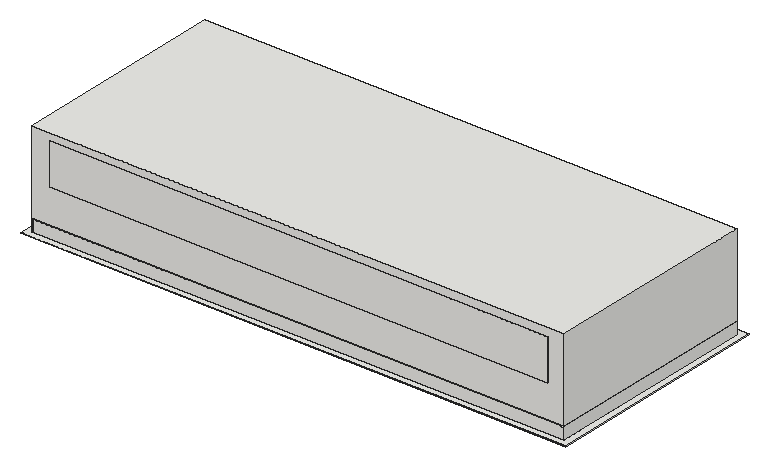
Revit family "AIRTECNICS_AIR CURTAIN_RECESSED WINDBOX BB_ELECTRICAL HEATED (E)_00", category Mechanical Equipment, Revit 2016 (continued)
Definition of nested family "GEOM_RECESSED WINDBOX BB (A-E)"
  Automatic sketch dimensions
    Extrusion 43 sketch curve to Extrusion 43 sketch curve = 2.975 mm
    Extrusion 43 sketch curve to Extrusion 43 sketch curve = 0.557 mm
    Extrusion 43 sketch curve to Extrusion 43 sketch curve = 4.0 mm
    Extrusion 43 sketch curve to Extrusion 43 sketch curve = 3.966 mm
    Extrusion 43 sketch curve to Extrusion 43 sketch curve = 0.0 mm  (x2)
    Extrusion 44 sketch curve to Extrusion 44 sketch curve = 0.0 mm  (x48)
    plane 30 to Extrusion 44 sketch curve = 2.024 mm
    plane 18 to Extrusion 44 sketch curve = 0.179 mm  (x12)
    Extrusion 44 sketch curve to Extrusion 44 sketch curve = 0.07 mm  (x12)
    plane 30 to Extrusion 44 sketch curve = 2.768 mm
    plane 18 to Extrusion 44 sketch curve = 2.811 mm  (x12)
    Extrusion 44 sketch curve to plane 13 = 7.561 mm
    plane 18 to Extrusion 44 sketch curve = 1.787 mm  (x12)
    Extrusion 44 sketch curve to Extrusion 44 sketch curve = 0.8 mm  (x15)
    plane 13 to Extrusion 44 sketch curve = 6.4 mm
    level to Extrusion 44 sketch curve = 0.881 mm  (x11)
    plane 13 to Extrusion 44 sketch curve = 6.8 mm
    Extrusion 44 sketch curve to Extrusion 44 sketch curve = 0.343 mm  (x10)
    plane 13 to Extrusion 44 sketch curve = 7.7 mm
    Extrusion 44 sketch curve to Extrusion 44 sketch curve = 0.457 mm  (x10)
    Extrusion 44 sketch curve to Extrusion 44 sketch curve = 1.3 mm  (x10)
    Extrusion 44 sketch curve to Extrusion 44 sketch curve = 8.369 mm  (x11)
    Extrusion 44 sketch curve to Extrusion 44 sketch curve = 13.961 mm  (x10)
    Extrusion 44 sketch curve to Extrusion 44 sketch curve = 13.56 mm  (x9)
    plane 18 to Extrusion 44 sketch curve = 14.344 mm  (x10)
    plane 18 to Extrusion 44 sketch curve = 13.319 mm  (x11)
    Extrusion 44 sketch curve to Extrusion 44 sketch curve = 0.5 mm  (x2)
    Extrusion 44 sketch curve to Extrusion 44 sketch curve = 0.999 mm
    Extrusion 44 sketch curve to Extrusion 44 sketch curve = 1.743 mm
    Extrusion 44 sketch curve to plane 31 = 4.5 mm
    Extrusion 44 sketch curve to plane 31 = 3.2 mm
    Extrusion 44 sketch curve to Extrusion 44 sketch curve = 0.658 mm
    Extrusion 44 sketch curve to Extrusion 44 sketch curve = 8.732 mm  (x12)
    Extrusion 45 sketch curve to plane 21 = 0.0 mm
    Extrusion 45 sketch curve to plane 20 = 0.0 mm
    Extrusion 45 sketch curve to plane 30 = 0.0 mm
    Extrusion 45 sketch curve to plane 31 = 0.0 mm
    Extrusion 52 sketch curve to plane 25 = 13.0 mm
    Extrusion 53 sketch curve to plane 25 = 13.0 mm
    Extrusion 52 sketch curve to plane 40 = 0.0 mm
    Extrusion 53 sketch curve to plane 40 = 0.0 mm
Types (4, lengths in mm): name | Weight | Product Size | Product Reference | Product Description | Power Fans | Noise Level (dB(A)) | Length | Electrical Heating Capacity (kW) | Electrical + Current Fans | Current Fans | L | CT | Airflow | 3rd Phase | 2nd Phase | 1st Phase
  WINDBOX RBB 2500 E | 151.00 kg | "2500" | "RBB 2500 E" | "Self-supporting casing construction made of galvanized steel plate, ready to be installed recessed in a false ceiling. \r\nInlet grille (free of maintenance) made with aluminium profiles and blow-out nozzle, integrated in a single white frame colour RAL 9016. Other colours are available on request. \r\nAnodized aluminium outlet vanes, airfoil shaped, adjustable in both directions.\r\nEC Double-inlet centrifugal fans driven by an external rotor motor and low noise level, with very low consumption efficency fans.\r\n“E” type with electrical shielded elements, three stages with integrated regulation. \r\nIncludes Clever control (programmable, automatic, intelligent, energy saving, Modbus RTU for BMS…)\r\nAir Volume: 9380 m3/h \r\nFans:  2,037 kW  9,03 A 230Vx1 50/60Hz\r\nHeating power: 16/30/46 kW (400Vx3)\r\nDimensions: 860x360x2550 mm (depth, height, length)" | 2.037 kW | 69 | 2550.0 | "16/30/46" | 75.5 A | 9.03 A | 2500.0 | 16 | 9380 m³/h | 15333 VA | 15333 VA | 17370 VA
  WINDBOX RBB 2000 E | 121.00 kg | "2000" | "RBB 2000 E" | "Self-supporting casing construction made of galvanized steel plate, ready to be installed recessed in a false ceiling. \r\nInlet grille (free of maintenance) made with aluminium profiles and blow-out nozzle, integrated in a single white frame colour RAL 9016. Other colours are available on request. \r\nAnodized aluminium outlet vanes, airfoil shaped, adjustable in both directions.\r\nEC Double-inlet centrifugal fans driven by an external rotor motor and low noise level, with very low consumption efficency fans.\r\n“E” type with electrical shielded elements, three stages with integrated regulation. \r\nIncludes Clever control (programmable, automatic, intelligent, energy saving, Modbus RTU for BMS…)\r\nAir Volume: 8040 m3/h \r\nFans:  1,746 kW  7,74 A 230Vx1 50/60Hz\r\nHeating power: 12/30/42 kW (400Vx3)\r\nDimensions: 860x360x2050 mm (depth, height, length)" | 1.746 kW | 68 | 2050.0 | "12/30/42" | 68.43 A | 7.74 A | 2000.0 | 8 | 8040 m³/h | 14000 VA | 14000 VA | 15746 VA
  WINDBOX RBB 1500 E | 91.00 kg | "1500" | "RBB 1500 E" | "Self-supporting casing construction made of galvanized steel plate, ready to be installed recessed in a false ceiling. \r\nInlet grille (free of maintenance) made with aluminium profiles and blow-out nozzle, integrated in a single white frame colour RAL 9016. Other colours are available on request. \r\nAnodized aluminium outlet vanes, airfoil shaped, adjustable in both directions.\r\nEC Double-inlet centrifugal fans driven by an external rotor motor and low noise level, with very low consumption efficency fans.\r\n“E” type with electrical shielded elements, three stages with integrated regulation. \r\nIncludes Clever control (programmable, automatic, intelligent, energy saving, Modbus RTU for BMS…)\r\nAir Volume: 5360 m3/h \r\nFans:  1,164 kW  5,16 A 230Vx1 50/60Hz\r\nHeating power: 8/19/27 kW (400Vx3)\r\nDimensions: 860x360x1550 mm (depth, height, length)" | 1.164 kW | 67 | 1550.0 | "8/19/27" | 44.18 A | 5.16 A | 1500.0 | 4 | 5360 m³/h | 9000 VA | 9000 VA | 10164 VA
  WINDBOX RBB 1000 E | 60.00 kg | "1000" | "RBB 1000 E" | "Self-supporting casing construction made of galvanized steel plate, ready to be installed recessed in a false ceiling. \r\nInlet grille (free of maintenance) made with aluminium profiles and blow-out nozzle, integrated in a single white frame colour RAL 9016. Other colours are available on request. \r\nAnodized aluminium outlet vanes, airfoil shaped, adjustable in both directions.\r\nEC Double-inlet centrifugal fans driven by an external rotor motor and low noise level, with very low consumption efficency fans.\r\n“E” type with electrical shielded elements, three stages with integrated regulation. \r\nIncludes Clever control (programmable, automatic, intelligent, energy saving, Modbus RTU for BMS…)\r\nAir Volume: 4020 m3/h \r\nFans:  0,873 kW  3,87 A 230Vx1 50/60Hz\r\nHeating power: 6/15/21 kW (400Vx3)\r\nDimensions: 860x360x1050 mm (depth, height, length)" | 0.873 kW | 66 | 1050.0 | "6/15/21" | 34.22 A | 3.87 A | 1000.0 | 2 | 4020 m³/h | 7000 VA | 7000 VA | 7873 VA
